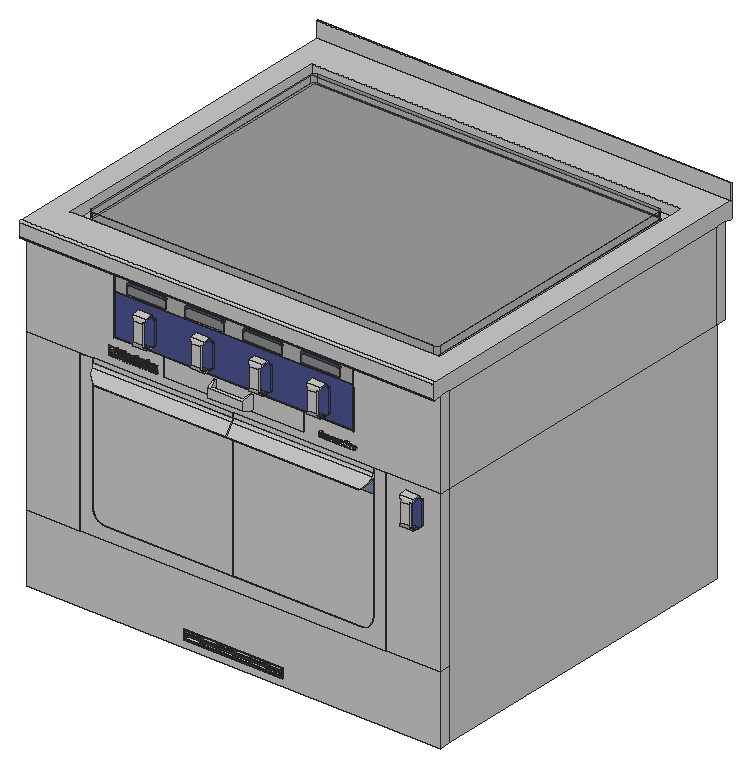
Revit family "QF_ELECTROLUXPROFESSIONAL_589705_MCLQFBJ4AO", category Attrezzature speciali, Revit 2020 (continued)
Definition of nested family "Front_Panel_W1000_Four Knobs"
  Definition of nested family "ELX_Professional_Logo_Small"
    Forms (mm)
      Extrusion 2, solid, material <- "Material_Logo"
        sketch origin (15.5, 0, 0) x (1, 0, 0) y (0, 1, 0)
          loop
            line (-10.76, -2.066) -> (-12.295, -0.468)
            spline (-12.295, -0.468) -> (-12.474, -0.643) -> (-12.659, -0.805) -> (-12.85, -0.953) -> (-13.048, -1.087) -> (-13.254, -1.206) -> (-13.467, -1.311) -> (-13.69, -1.4) -> (-13.921, -1.475) -> (-14.162, -1.533) -> (-14.414, -1.575) -> (-14.677, -1.6) -> (-14.951, -1.609)
            spline (-14.951, -1.609) -> (-15.398, -1.581) -> (-15.823, -1.497) -> (-16.223, -1.362) -> (-16.596, -1.179) -> (-16.937, -0.95) -> (-17.243, -0.678) -> (-17.512, -0.367) -> (-17.739, -0.02) -> (-17.921, 0.36) -> (-18.055, 0.771) -> (-18.138, 1.208) -> (-18.167, 1.669)
          loop
            spline (-4.441, -1.243) -> (-4.659, -1.247) -> (-4.894, -1.23) -> (-5.137, -1.19) -> (-5.384, -1.121) -> (-5.628, -1.021) -> (-5.864, -0.884) -> (-6.084, -0.708) -> (-6.283, -0.488) -> (-6.454, -0.219) -> (-6.592, 0.101) -> (-6.69, 0.478) -> (-6.742, 0.914)
            line (-6.742, 0.914) -> (-6.742, 4.587) -> (-4.487, 4.587) -> (-4.487, 6.838) -> (-6.738, 6.838) -> (-6.738, 10.824) -> (-9.217, 10.824) -> (-9.217, 0.773)
            spline (-9.217, 0.773) -> (-9.164, 0.19) -> (-9.068, -0.358) -> (-8.928, -0.87) -> (-8.742, -1.343) -> (-8.511, -1.777) -> (-8.232, -2.168) -> (-7.904, -2.515) -> (-7.527, -2.816) -> (-7.098, -3.069) -> (-6.618, -3.273) -> (-6.084, -3.426) -> (-5.496, -3.525)
            line (-5.496, -3.525) -> (-4.45, -3.573) -> (-4.441, -1.243)
          loop
            spline (3.898, 6.983) -> (3.469, 7.009) -> (3.056, 7.001) -> (2.661, 6.961) -> (2.283, 6.888) -> (1.925, 6.785) -> (1.588, 6.652) -> (1.272, 6.49) -> (0.979, 6.301) -> (0.71, 6.085) -> (0.465, 5.844) -> (0.247, 5.578) -> (0.056, 5.289)
            line (0.056, 5.289) -> (0.056, 6.838) -> (-2.402, 6.838) -> (-2.402, -3.572) -> (0.056, -3.572) -> (0.056, 1.901)
            spline (0.056, 1.901) -> (0.079, 2.316) -> (0.145, 2.703) -> (0.254, 3.06) -> (0.404, 3.386) -> (0.592, 3.679) -> (0.818, 3.938) -> (1.08, 4.162) -> (1.375, 4.348) -> (1.703, 4.495) -> (2.062, 4.602) -> (2.45, 4.668) -> (2.865, 4.69)
            line (2.865, 4.69) -> (3.898, 4.586) -> (3.898, 6.983)
          loop
            spline (15.638, 1.633) -> (15.586, 2.396) -> (15.435, 3.124) -> (15.192, 3.81) -> (14.863, 4.449) -> (14.455, 5.034) -> (13.975, 5.56) -> (13.43, 6.021) -> (12.826, 6.411) -> (12.17, 6.724) -> (11.469, 6.955) -> (10.729, 7.098) -> (9.958, 7.147)
            spline (9.958, 7.147) -> (9.182, 7.098) -> (8.44, 6.955) -> (7.737, 6.724) -> (7.081, 6.411) -> (6.477, 6.021) -> (5.933, 5.56) -> (5.454, 5.034) -> (5.048, 4.449) -> (4.721, 3.81) -> (4.479, 3.124) -> (4.329, 2.396) -> (4.277, 1.633)
            spline (4.277, 1.633) -> (4.329, 0.869) -> (4.479, 0.141) -> (4.721, -0.544) -> (5.048, -1.183) -> (5.454, -1.768) -> (5.933, -2.294) -> (6.477, -2.755) -> (7.081, -3.145) -> (7.737, -3.459) -> (8.44, -3.69) -> (9.182, -3.833) -> (9.958, -3.882)
            spline (9.958, -3.882) -> (10.729, -3.833) -> (11.469, -3.69) -> (12.17, -3.459) -> (12.826, -3.145) -> (13.43, -2.755) -> (13.975, -2.294) -> (14.455, -1.768) -> (14.863, -1.183) -> (15.192, -0.544) -> (15.435, 0.141) -> (15.586, 0.869) -> (15.638, 1.633)
          loop
            spline (13.18, 1.633) -> (13.151, 2.083) -> (13.067, 2.513) -> (12.932, 2.918) -> (12.748, 3.296) -> (12.52, 3.642) -> (12.251, 3.954) -> (11.943, 4.227) -> (11.601, 4.459) -> (11.228, 4.645) -> (10.828, 4.782) -> (10.403, 4.867) -> (9.958, 4.896)
            spline (9.958, 4.896) -> (9.509, 4.867) -> (9.081, 4.782) -> (8.679, 4.645) -> (8.306, 4.459) -> (7.964, 4.227) -> (7.658, 3.954) -> (7.39, 3.642) -> (7.163, 3.296) -> (6.981, 2.918) -> (6.847, 2.513) -> (6.765, 2.083) -> (6.736, 1.633)
            spline (6.736, 1.633) -> (6.765, 1.182) -> (6.847, 0.753) -> (6.981, 0.347) -> (7.163, -0.031) -> (7.39, -0.377) -> (7.658, -0.689) -> (7.964, -0.962) -> (8.306, -1.193) -> (8.679, -1.38) -> (9.081, -1.517) -> (9.509, -1.602) -> (9.958, -1.631)
            spline (9.958, -1.631) -> (10.403, -1.602) -> (10.828, -1.517) -> (11.228, -1.38) -> (11.601, -1.193) -> (11.943, -0.962) -> (12.251, -0.689) -> (12.52, -0.377) -> (12.748, -0.031) -> (12.932, 0.347) -> (13.067, 0.753) -> (13.151, 1.182) -> (13.18, 1.633)
          loop
            line (17.162, 4.269) -> (17.162, -3.573) -> (19.642, -3.573) -> (19.642, 10.824) -> (17.162, 10.824) -> (17.162, 4.269)
          loop
            line (28.581, 6.838) -> (28.581, 0.786)
            spline (28.581, 0.786) -> (28.561, 0.393) -> (28.503, 0.038) -> (28.409, -0.279) -> (28.281, -0.559) -> (28.122, -0.802) -> (27.933, -1.011) -> (27.717, -1.185) -> (27.476, -1.325) -> (27.213, -1.433) -> (26.929, -1.509) -> (26.626, -1.554) -> (26.308, -1.569)
            spline (26.308, -1.569) -> (25.99, -1.554) -> (25.688, -1.509) -> (25.404, -1.434) -> (25.141, -1.326) -> (24.9, -1.187) -> (24.684, -1.014) -> (24.496, -0.807) -> (24.336, -0.565) -> (24.209, -0.288) -> (24.115, 0.026) -> (24.057, 0.376) -> (24.037, 0.765)
            line (24.037, 0.765) -> (24.037, 6.838) -> (21.537, 6.838) -> (21.537, 0.558)
            spline (21.537, 0.558) -> (21.581, -0.153) -> (21.71, -0.8) -> (21.916, -1.384) -> (22.195, -1.904) -> (22.54, -2.362) -> (22.944, -2.757) -> (23.403, -3.09) -> (23.909, -3.362) -> (24.456, -3.572) -> (25.04, -3.722) -> (25.652, -3.811) -> (26.288, -3.841)
            spline (26.288, -3.841) -> (26.929, -3.811) -> (27.547, -3.72) -> (28.135, -3.568) -> (28.687, -3.355) -> (29.197, -3.079) -> (29.66, -2.741) -> (30.068, -2.341) -> (30.415, -1.877) -> (30.696, -1.349) -> (30.905, -0.757) -> (31.034, -0.101) -> (31.079, 0.621)
            line (31.079, 0.621) -> (31.079, 6.838) -> (28.581, 6.838)
          loop
            line (40.457, -0.243) -> (38.894, 1.942) -> (40.83, 4.579) -> (42.488, 6.837) -> (39.782, 6.837) -> (37.53, 3.719) -> (35.258, 6.837) -> (32.573, 6.837) -> (34.113, 4.731) -> (36.167, 1.922) -> (34.014, -1.076) -> (32.222, -3.573) -> (34.887, -3.573) -> (37.53, 0.104) -> (40.174, -3.573) -> (42.839, -3.573) -> (40.457, -0.243)
          loop
            line (-46.121, -5.837) -> (-48.039, -5.837) -> (-48.039, -10.814) -> (-47.016, -10.814) -> (-47.016, -9.128) -> (-46.121, -9.128)
            arc (-46.121, -9.128) -> (-44.476, -7.482) -> (-46.121, -5.837) r 1.645
          loop
            line (-46.163, -6.778) -> (-47.016, -6.778) -> (-47.016, -8.187) -> (-46.163, -8.187)
            arc (-46.163, -8.187) -> (-45.458, -7.482) -> (-46.163, -6.778) r 0.704
          loop
            line (-38.313, -5.837) -> (-40.265, -5.837) -> (-40.265, -10.814) -> (-39.241, -10.814) -> (-39.241, -9.1) -> (-38.46, -9.182) -> (-37.48, -10.814) -> (-36.318, -10.814) -> (-37.513, -8.848)
            arc (-37.513, -8.848) -> (-36.888, -8.266) -> (-36.671, -7.441) r 1.536
            arc (-36.671, -7.441) -> (-37.165, -6.305) -> (-38.313, -5.837) r 1.643
          loop
            arc (-38.402, -8.166) -> (-37.707, -7.505) -> (-38.334, -6.778) r 0.696
            line (-38.334, -6.778) -> (-39.241, -6.778) -> (-39.241, -8.166) -> (-38.402, -8.166)
          loop
            circle (-29.965, -8.325) r 2.585
          loop
            circle (-29.965, -8.325) r 1.64
          loop
            line (-23.1, -5.837) -> (-23.1, -10.814) -> (-22.076, -10.814) -> (-22.076, -8.768) -> (-20.204, -8.768) -> (-20.204, -7.828) -> (-22.076, -7.828) -> (-22.076, -6.778) -> (-20.024, -6.778) -> (-20.024, -5.837) -> (-23.1, -5.837)
          loop
            line (-15.802, -5.837) -> (-15.802, -9.2)
            arc (-15.802, -9.2) -> (-15.343, -10.34) -> (-14.209, -10.814) r 1.593
            line (-14.209, -10.814) -> (-12.602, -10.814) -> (-12.602, -10.027) -> (-14.004, -10.027)
            arc (-14.004, -10.027) -> (-14.552, -9.8) -> (-14.779, -9.252) r 0.775
            line (-14.779, -9.252) -> (-14.779, -8.424) -> (-12.789, -8.424) -> (-12.789, -7.642) -> (-14.779, -7.642) -> (-14.779, -6.778) -> (-12.651, -6.778) -> (-12.651, -5.837) -> (-15.802, -5.837)
          loop
            line (-5.909, -7.143) -> (-5.173, -6.638)
            arc (-5.173, -6.638) -> (-5.855, -5.974) -> (-6.781, -5.755) r 1.782
            arc (-6.781, -5.755) -> (-7.397, -5.878) -> (-7.944, -6.189) r 1.974
            arc (-7.944, -6.189) -> (-8.202, -6.5) -> (-8.317, -6.888) r 1.013
            arc (-8.317, -6.888) -> (-8.306, -7.341) -> (-8.192, -7.78) r 1.985
            arc (-8.192, -7.78) -> (-7.749, -8.259) -> (-7.171, -8.563) r 1.928
            arc (-7.171, -8.563) -> (-6.637, -8.779) -> (-6.131, -9.056) r 5.041
            arc (-6.131, -9.056) -> (-5.934, -9.387) -> (-6.09, -9.74) r 0.42
            arc (-6.09, -9.74) -> (-6.631, -9.96) -> (-7.204, -9.845) r 1.016
            arc (-7.204, -9.845) -> (-7.625, -9.603) -> (-7.889, -9.196) r 1.033
            line (-7.889, -9.196) -> (-8.67, -9.686)
            arc (-8.67, -9.686) -> (-8.361, -10.198) -> (-7.908, -10.589) r 1.914
            arc (-7.908, -10.589) -> (-7.334, -10.834) -> (-6.714, -10.896) r 2.063
            arc (-6.714, -10.896) -> (-5.947, -10.743) -> (-5.256, -10.376) r 2.696
            arc (-5.256, -10.376) -> (-4.95, -9.565) -> (-5.108, -8.712) r 1.618
            arc (-5.108, -8.712) -> (-5.448, -8.319) -> (-5.884, -8.035) r 1.876
            arc (-5.884, -8.035) -> (-6.434, -7.789) -> (-6.999, -7.577) r 9.883
            arc (-6.999, -7.577) -> (-7.325, -7.07) -> (-6.854, -6.694) r 0.45
            arc (-6.854, -6.694) -> (-6.329, -6.809) -> (-5.909, -7.143) r 1.197
          loop
            line (1.61, -7.143) -> (2.345, -6.638)
            arc (2.345, -6.638) -> (1.663, -5.974) -> (0.737, -5.755) r 1.782
            arc (0.737, -5.755) -> (0.121, -5.878) -> (-0.425, -6.189) r 1.974
            arc (-0.425, -6.189) -> (-0.683, -6.5) -> (-0.799, -6.888) r 1.013
            arc (-0.799, -6.888) -> (-0.788, -7.341) -> (-0.674, -7.78) r 1.985
            arc (-0.674, -7.78) -> (-0.231, -8.259) -> (0.347, -8.563) r 1.928
            arc (0.347, -8.563) -> (0.881, -8.779) -> (1.387, -9.056) r 5.041
            arc (1.387, -9.056) -> (1.584, -9.387) -> (1.428, -9.74) r 0.42
            arc (1.428, -9.74) -> (0.887, -9.96) -> (0.314, -9.845) r 1.016
            arc (0.314, -9.845) -> (-0.107, -9.603) -> (-0.371, -9.196) r 1.033
            line (-0.371, -9.196) -> (-1.152, -9.686)
            arc (-1.152, -9.686) -> (-0.842, -10.198) -> (-0.39, -10.589) r 1.914
            arc (-0.39, -10.589) -> (0.184, -10.834) -> (0.804, -10.896) r 2.063
            arc (0.804, -10.896) -> (1.572, -10.743) -> (2.263, -10.376) r 2.696
            arc (2.263, -10.376) -> (2.568, -9.565) -> (2.411, -8.712) r 1.618
            arc (2.411, -8.712) -> (2.07, -8.319) -> (1.635, -8.035) r 1.876
            arc (1.635, -8.035) -> (1.084, -7.789) -> (0.519, -7.577) r 9.883
            arc (0.519, -7.577) -> (0.193, -7.07) -> (0.665, -6.694) r 0.45
            arc (0.665, -6.694) -> (1.189, -6.809) -> (1.61, -7.143) r 1.197
          loop
            line (6.801, -5.837) -> (6.801, -10.814) -> (7.825, -10.814) -> (7.825, -5.837) -> (6.801, -5.837)
          loop
            circle (14.724, -8.325) r 1.548
          loop
            circle (14.724, -8.325) r 2.585
          loop
            line (21.59, -10.814) -> (22.623, -10.814) -> (22.623, -7.685) -> (24.9, -10.814) -> (25.895, -10.814) -> (25.895, -5.837) -> (24.861, -5.837) -> (24.861, -9.061) -> (22.585, -5.837) -> (21.59, -5.837) -> (21.59, -10.814)
          loop
            line (31.054, -10.814) -> (31.539, -9.74) -> (33.38, -9.74) -> (33.865, -10.814) -> (34.965, -10.814) -> (32.46, -5.837) -> (29.956, -10.814) -> (31.054, -10.814)
          loop
            line (32.46, -7.698) -> (31.999, -8.719) -> (32.921, -8.719) -> (32.46, -7.698)
          loop
            line (40.047, -9.873) -> (40.047, -5.837) -> (39.024, -5.837) -> (39.024, -10.814) -> (41.961, -10.814) -> (41.961, -9.873) -> (40.047, -9.873)
          loop
            line (-74.986, -10.814) -> (-53.322, -10.814) -> (-53.322, 10.82) -> (-74.986, 10.82) -> (-74.986, -10.814)
          loop
            line (-61.261, 9.758) -> (-61.261, -9.707)
            arc (-61.261, -9.707) -> (-54.066, 0.025) -> (-61.261, 9.758) r 10.18
          loop
            line (-62.251, 8.349) -> (-62.251, 9.758)
            arc (-62.251, 9.758) -> (-70.347, 7.918) -> (-74.247, 0.59) r 9.976
            line (-74.247, 0.59) -> (-71.026, 0.59)
            arc (-71.026, 0.59) -> (-65.274, 2.925) -> (-62.251, 8.349) r 9.351
          loop
            arc (-74.247, -0.539) -> (-70.353, -7.928) -> (-62.251, -9.957) r 10.237
            line (-62.251, -9.957) -> (-62.251, -8.298)
            arc (-62.251, -8.298) -> (-65.274, -2.874) -> (-71.026, -0.539) r 9.351
            line (-71.026, -0.539) -> (-74.247, -0.539)
        from 0 to 1.644
    Dimensions and locks
      aligned and locked: plane 2 to Extrusion 1
      aligned and locked: level to Extrusion 1
Definition of nested family "H450H2W1000_2DOOR"
  Parameters
    Width [instance] = 680 mm
    Wdoor [instance] = Width / 2  # 340 mm
    Show Clearance [instance] = yes
    Model = "727995"
    Height = 450 mm
    Default Elevation = 0 mm
  Reference planes
    plane 1 "Center (Front/Back)": y = 0
    plane 2: z = 0
    plane 3 "Center (Left/Right)": x = 36.042
    plane 4 "panel": z = 25
    plane 5: x = -303.958
    plane 6: x = 376.042
    plane 7: y = 450
    plane 8: z = 340
    plane 9: z = 45
  Forms (mm)
    Extrusion 1, solid
      sketch origin (0, -919.2, 0) x (1, 0, 0) y (0, 1, 0)
        loop
          line (-980.5, 2119.2) -> (-980.5, -162.846) -> (881.94, -162.846) -> (881.94, 2119.2) -> (-980.5, 2119.2)
      from 0 to -59.546
    Extrusion 2, solid
      sketch origin (0, 0, 0) x (1, 0, 0) y (0, 1, 0)
        loop
          line (374.042, 393) -> (37.042, 393) -> (37.042, 97) -> (344.042, 97)
          arc (344.042, 97) -> (365.255, 105.787) -> (374.042, 127) r 30
          line (374.042, 127) -> (374.042, 393)
        loop
          arc (-301.958, 127) -> (-293.171, 105.787) -> (-271.958, 97) r 30
          line (-271.958, 97) -> (35.042, 97) -> (35.042, 393) -> (-301.958, 393) -> (-301.958, 127)
      from 0 to 25
    Extrusion 3, solid
      sketch origin (0, 0, 0) x (1, 0, 0) y (0, 1, 0)
        loop
          line (-301.958, 393) -> (35.042, 393) -> (35.042, 440) -> (-301.958, 440) -> (-301.958, 393)
        loop
          line (37.042, 440) -> (37.042, 393) -> (374.042, 393) -> (374.042, 440) -> (37.042, 440)
      from 0 to 25
    Extrusion 4, solid
      sketch origin (5.581, 79.805, 0) x (1, 0, 0) y (0, 1, 0)
        loop
          line (-307.539, 360.195) -> (29.461, 360.195) -> (29.461, 370.195) -> (-307.539, 370.195) -> (-307.539, 360.195)
        loop
          line (31.461, 370.195) -> (31.461, 360.195) -> (368.461, 360.195) -> (368.461, 370.195) -> (31.461, 370.195)
      from 0 to 25
    Extrusion 5, solid
      sketch origin (36.042, 0, 0) x (0, 1, 0) y (0, 0, 1)
        loop
          line (426.693, 25) -> (440.02, 25)
          arc (440.02, 25) -> (435.261, 25.775) -> (430.993, 28.02) r 15
          line (430.993, 28.02) -> (406.653, 46.362) -> (403.644, 42.369) -> (426.693, 25)
      from 1 to 338
    Extrusion 6, solid
      sketch origin (36.042, 0, 0) x (0, 1, 0) y (0, 0, 1)
        loop
          line (426.693, 25) -> (440.02, 25)
          arc (440.02, 25) -> (435.261, 25.775) -> (430.993, 28.02) r 15
          line (430.993, 28.02) -> (406.653, 46.362) -> (403.644, 42.369) -> (426.693, 25)
      from -338 to -1
    Extrusion 7, void
      sketch origin (0, 0, 0) x (1, 0, 0) y (0, 1, 0)
        loop
          arc (374.042, 426.693) -> (364.508, 412.772) -> (350.317, 403.644) r 42.603
          line (350.317, 403.644) -> (374.042, 403.644) -> (374.042, 426.693)
      from 0 to 47.9
    Extrusion 8, void
      sketch origin (72.084, 0, 0) x (-1, 0, 0) y (0, -1, 0)
        loop
          line (374.042, -426.693) -> (374.042, -403.644) -> (350.317, -403.644)
          arc (350.317, -403.644) -> (364.508, -412.772) -> (374.042, -426.693) r 42.603
      from 0 to 47.9
    Extrusion 9, solid, detail levels coarse
      sketch origin (0, 0, 0) x (1, 0, 0) y (0, 0, 1)
        loop
          arc (36.231, 25) -> (-56.085, 247.873) -> (-278.958, 340.189) r 315.189
          line (-278.958, 340.189) -> (-278.958, 25) -> (36.231, 25)
      from -450 to -97
    Extrusion 10, solid, detail levels coarse
      sketch origin (0, 0, 0) x (1, 0, 0) y (0, 0, 1)
        loop
          arc (351.042, 340) -> (128.303, 247.739) -> (36.042, 25) r 315
          line (36.042, 25) -> (351.042, 25) -> (351.042, 340)
      from -450 to -97
  Cuts and joins
    Extrusion 8 cuts Extrusion 6
    Extrusion 7 cuts Extrusion 5
  Lines and regions (mm)
    symbolic lines
      curve 1: line (376.042, 0, 45) -> (376.042, 0, 340)
      curve 2: line (351.042, 0, 45) -> (351.042, 0, 340)
      curve 3: line (376.042, 0, 340) -> (351.042, 0, 340)
      curve 4: line (-303.958, 0, 45) -> (-303.958, 0, 340)
      curve 5: line (-278.958, 0, 45) -> (-278.958, 0, 340)
      curve 6: line (-303.958, 0, 340) -> (-278.958, 0, 340)
      curve 7: arc (351.042, 0, 340) -> (135.522, 0, 254.731) -> (36.683, 0, 45.088) r 315
      curve 8: arc (35.407, 0, 44.997) -> (-63.405, 0, 254.7) -> (-278.958, 0, 340) r 315
  Dimensions and locks
    plane 4 "panel" to level = 25 mm
    "Width": plane 5 to plane 6
    equal spacing: plane 5, plane 3 "Center (Left/Right)", plane 6
    "Height": plane 1 "Center (Front/Back)" to plane 7
    locked: plane 5 to Extrusion 2 sketch curve at 2
    locked: Extrusion 2 sketch curve to plane 6 at 2
    locked: plane 1 "Center (Front/Back)" to Extrusion 2 sketch curve at 97
    locked: plane 7 to Extrusion 2 sketch curve at 57
    locked: Extrusion 2 sketch curve to plane 3 "Center (Left/Right)" at 1
    locked: plane 3 "Center (Left/Right)" to Extrusion 2 sketch curve at 1
    Extrusion 3 sketch curve to Extrusion 2 = 47 mm
    "Wdoor": plane 8 to level
    locked: curve 2 to curve 1 at 25
    locked: curve 5 to curve 4 at 25
    plane 4 "panel" to plane 9 = 20 mm
    aligned and locked: plane 2 to Extrusion 1
    aligned and locked: level to Extrusion 1
    aligned and locked: plane 4 "panel" to Extrusion 2
    aligned and locked: Extrusion 2 to Extrusion 3 sketch curve
    aligned and locked: Extrusion 3 sketch curve to Extrusion 2  (x2)
    aligned and locked: Extrusion 3 sketch curve to Extrusion 3 sketch curve
    aligned and locked: plane 4 "panel" to Extrusion 3
    aligned and locked: Extrusion 4 sketch curve to Extrusion 4 sketch curve
    aligned and locked: Extrusion 4 sketch curve to Extrusion 3  (x3)
    aligned and locked: Extrusion 3 to Extrusion 4 sketch curve
    aligned and locked: Extrusion 4 sketch curve to plane 7
    aligned and locked: Extrusion 3 to Extrusion 5
    aligned and locked: Extrusion 5 to Extrusion 3
    aligned and locked: Extrusion 6 to Extrusion 3
    aligned and locked: Extrusion 3 to Extrusion 6
    aligned and locked: Extrusion 7 sketch curve to Extrusion 5
    aligned and locked: Extrusion 8 to Extrusion 6
    aligned and locked: Extrusion 4 to Extrusion 8
    aligned and locked: Extrusion 2 to Extrusion 7
    aligned and locked: Extrusion 7 to Extrusion 5
    aligned and locked: Extrusion 4 to Extrusion 3  (x2)
    aligned and locked: Extrusion 3 to Extrusion 2
    aligned and locked: Extrusion 4 to Extrusion 2
    aligned and locked: curve 3 to plane 8
    aligned and locked: curve 1 to plane 6
    aligned and locked: curve 4 to plane 5
    aligned and locked: Extrusion 9 sketch curve to plane 4 "panel"
    aligned and locked: Extrusion 10 sketch curve to curve 7
    aligned and locked: Extrusion 10 sketch curve to curve 2
    aligned and locked: Extrusion 2 to Extrusion 9
    aligned and locked: Extrusion 2 to Extrusion 10
    aligned and locked: plane 7 to Extrusion 9
    aligned and locked: Extrusion 3 to Extrusion 4
  Automatic sketch dimensions
    Extrusion 1 sketch curve to Extrusion 1 sketch curve = 1862.44 mm
    Extrusion 1 sketch curve to Extrusion 1 sketch curve = 2282.046 mm
    Extrusion 2 sketch curve to Extrusion 2 sketch curve = 30 mm  (x2)
    Extrusion 2 sketch curve to plane 1 "Center (Front/Back)" = 97 mm
    Extrusion 2 sketch curve to Extrusion 2 sketch curve = 0 mm
    Extrusion 3 sketch curve to plane 3 "Center (Left/Right)" = 1 mm
    plane 5 to Extrusion 3 sketch curve = 2 mm
    Extrusion 3 sketch curve to Extrusion 3 sketch curve = 0 mm
    Extrusion 5 sketch curve to plane 4 "panel" = 0 mm
    plane 4 "panel" to Extrusion 5 sketch curve = 17.369 mm
    Extrusion 5 sketch curve to plane 7 = 46.356 mm
    plane 4 "panel" to Extrusion 5 sketch curve = 21.362 mm
    Extrusion 5 sketch curve to Extrusion 5 sketch curve = 3.009 mm
    plane 4 "panel" to Extrusion 5 sketch curve = 3.02 mm
    Extrusion 5 sketch curve to Extrusion 5 sketch curve = 9.027 mm
    Extrusion 6 sketch curve to plane 4 "panel" = 0 mm
    plane 4 "panel" to Extrusion 6 sketch curve = 17.369 mm
    Extrusion 6 sketch curve to plane 7 = 46.356 mm
    plane 4 "panel" to Extrusion 6 sketch curve = 21.362 mm
    Extrusion 6 sketch curve to Extrusion 6 sketch curve = 3.009 mm
    plane 4 "panel" to Extrusion 6 sketch curve = 3.02 mm
    Extrusion 6 sketch curve to Extrusion 6 sketch curve = 9.027 mm
    Extrusion 7 sketch curve to Extrusion 7 sketch curve = 23.725 mm
    Extrusion 7 sketch curve to plane 7 = 6.671 mm
    Extrusion 7 sketch curve to plane 6 = 41.221 mm
    Extrusion 7 sketch curve to plane 7 = 23.307 mm
    plane 7 to Extrusion 8 sketch curve = 6.671 mm
    Extrusion 8 sketch curve to plane 5 = 41.221 mm
    Extrusion 8 sketch curve to plane 5 = 25.725 mm
    Extrusion 8 sketch curve to plane 5 = 2 mm
    plane 7 to Extrusion 8 sketch curve = 23.307 mm
    Extrusion 4 sketch curve to Extrusion 4 sketch curve = 10 mm
    Extrusion 4 sketch curve to plane 7 = 10 mm
    curve 2 to plane 9 = 0 mm
    curve 5 to plane 9 = 0 mm
    curve 4 to plane 9 = 0 mm
    curve 1 to plane 9 = 0 mm
    curve 8 to plane 4 "panel" = 0 mm
    curve 5 to plane 8 = 0 mm
    curve 8 to plane 9 = 0.003 mm
    curve 7 to plane 4 "panel" = 0 mm
    plane 9 to curve 7 = 0.088 mm
    plane 5 to Extrusion 9 sketch curve = 25 mm
    plane 3 "Center (Left/Right)" to Extrusion 9 sketch curve = 0.189 mm
Definition of nested family "Warm"
  Reference planes
    plane 1 "Center (Front/Back)": y = 0
    plane 2: z = 0
    plane 3 "Center (Left/Right)": x = 0
  Lines and regions (mm)
    detail lines, in view "Ref. Level"
      curve 1: circle (-165.742, 180.331, 0) r 45 normal (0, 0, 1)
      curve 2: line (-165.742, 125.331, 0) -> (-165.742, 80.331, 0)
      curve 3: line (-165.742, 235.331, 0) -> (-165.742, 280.331, 0)
      curve 4: line (-105.742, 180.331, 0) -> (-65.742, 180.331, 0)
      curve 5: line (-220.742, 180.331, 0) -> (-265.742, 180.331, 0)
      curve 6: line (-126.851, 141.44, 0) -> (-95.031, 109.62, 0)
      curve 7: line (-204.632, 219.221, 0) -> (-236.452, 251.041, 0)
      curve 8: line (-126.851, 219.221, 0) -> (-95.031, 251.041, 0)
      curve 9: line (-204.632, 141.44, 0) -> (-236.452, 109.62, 0)
